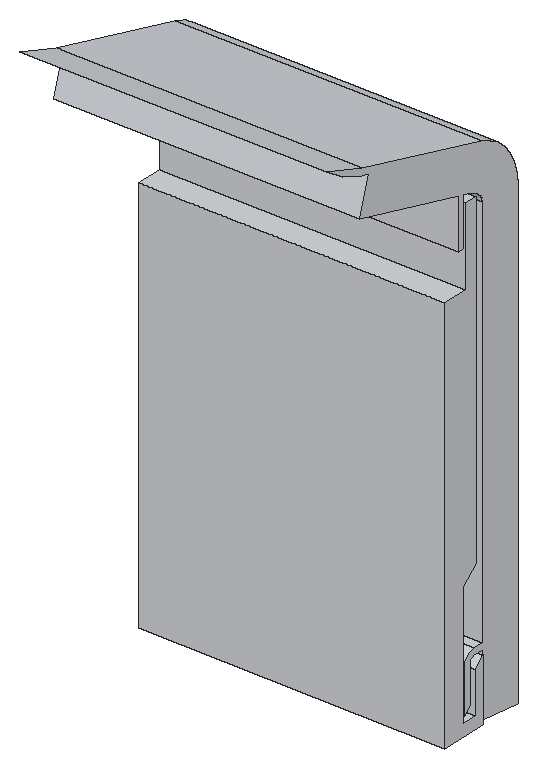
Revit family "HansWeitzel_2058", category Allgemeines Modell, Revit 2017
Family settings
  Basisbauteil = Wand
  Kann Basisbauteil für Bewehrung sein = Nein
  Bemaßung runder Anschluss = Durchmesser verwenden
  Teiletyp = Normal
  Immer vertikal = Ja
  Beim Laden mit Abzugskörper schneiden = Nein
  Gemeinsam genutzt = Nein
  Raumberechnungspunkt = Nein
Parameters (values of type "Type 1")
  max. Betriebstemperatur (°C) = 90
  Werkstoff = "Acryl"
  Wandmontage möglich = yes
  Typname = "HZ-Stoßverbinder SLF Nussbaum"
  Tiefe (mm) = 30
  Profilart = "Anschlussprofi"
  Menge pro Verpackungseinheit = 10
  Length3 = 50 mm
  Length2 = 50 mm
  Length1 = 50 mm
  Ist Zubehör = no
  Ist System = no
  Höhe [mm] = 97
  Hersteller = "Hans Weitzel GmbH & Co. KG"
  HeinzeBIM = "https://www.heinze.de/bim/hz-stossverbinder-slf-nussbaum/e09dff58df237c84bc6af2343a05729aaa3c0e33"
  HAN = "2058"
  Gewicht unverpackt (netto) [kg] = 0.008
  GTIN = "4022023220216"
  Farbton = "Holzart/Holzdekor"
  Dekor = "Nussbaum"
  Breite [mm] = 45
  Beschreibung = "HZ-Stoßverbinder SLF Nussbaum für HZ-Sockelleiste SLF nur mit SCH2158"
  BIMSITE_PRODUCT_ID = "e09dff58df237c84bc6af2343a05729aaa3c0e33"
  BIM = "https://media.live.bim.site/t/eyJhbGciOiJIUzI1NiIsInR5cCI6IkpXVCJ9.eyJjdCI6MSwidGYiOiJwdWJsaWMvaGFucy13ZWl0emVsLWdtYmgtY28ta2cvMjI1MGEyZS9IWl9TTEZfU3Rvc3N2ZXJiaW5kZXIucmZhIiwiY2lkIjoiZmVkOThlOWEtMWJkOC00YzY4LWE3M2ItNzRhOTRlMzE1ODIzIiwicmlkIjoiM2ZmMWQ3MDM4NDMzYTU0ZjQ1MjhiNWE3MWFkYjQ1YTIiLCJwaWQiOiJlMDlkZmY1OGRmMjM3Yzg0YmM2YWYyMzQzYTA1NzI5YWFhM2MwZTMzIiwic2lkIjoiNjM1NTgiLCJ1dCI6NSwibGMiOiJkZSIsImlhdCI6MTU4MDEyMjg3NiwiaXNzIjoiaHR0cHM6Ly9hcGkubGl2ZS5iaW0uc2l0ZSIsInN1YiI6ImY1ODZjNGI2LWE1MDgtNDI3YS05ODE4LTEzMTc5NjY1NzZiYyJ9.b1K4sEWtHjoC0bs_GAT89CJbu4jUAnLscmKa6-076zA/HZ_SLF_Stossverbinder.rfa"
Reference planes
  plane 1 "Wall": y = 0
  plane 2 "Center (Left/Right)": x = 125
  plane 3 "Back": y = 75
Text (mm)
  text "Placement side" at (0, 1409.804, 2854.306), in view "Left"
  text "Placement side" at (0, 499.811, 2980.732), in view "Right"
Dimensions and locks
  locked: plane 3 "Back" to host wall
  aligned and locked: plane 1 "Wall" to host wall
  aligned and locked: nested 1 to plane 3 "Back"
  aligned and locked: nested 2 to plane 3 "Back"
  aligned and locked: nested 2 to plane 2 "Center (Left/Right)"
  aligned and locked: nested 1 to plane 2 "Center (Left/Right)"
Nested families
  nested 1: "HZ_SLF_Part2" at (125, 75, 0) x (-1, 0, 0) z (0, 0, 1), type "HZ_SLF_Part2"
    with Length2 50 mm
  nested 2: "HZ_SLF_Profil" at (125, 75, 0) x (-1, 0, 0) z (0, 0, 1), type "HZ_SLF_Profil"
Definition of nested family "HZ_SLF_Part2"
  Parameters
    Length2 = 400 mm
  Reference planes
    plane 1 "Center (Front/Back)": y = 0
    plane 2: z = 0
    plane 3 "Center (Left/Right)": x = 0
    plane 4: z = 78
  Forms (mm)
    Extrusion 1, solid, detail levels fine
      sketch origin (0, 0, 0) x (0, 1, 0) y (0, 0, 1)
        loop
          line (-28, 65.25) -> (-28, 78) -> (-30, 78) -> (-30, 24.25) -> (-27.5, 22) -> (-27.5, 2) -> (-30, 2) -> (-30, 8.75) -> (-31.5, 10.25) -> (-31.5, 0) -> (-23.75, 0) -> (-23.75, 65.25) -> (-28, 65.25)
      from -200 to 200
    Extrusion 2, solid, detail levels medium
      sketch origin (0, 0, 0) x (0, 1, 0) y (0, 0, 1)
        loop
          line (-28, 65.25) -> (-28, 78) -> (-30, 78) -> (-30, 22) -> (-27.5, 22) -> (-27.5, 2) -> (-30, 2) -> (-30, 8.75) -> (-31.5, 8.75) -> (-31.5, 0) -> (-23.75, 0) -> (-23.75, 65.25) -> (-28, 65.25)
      from -200 to 200
    Extrusion 3, solid, detail levels coarse
      sketch origin (0, 0, 0) x (0, 1, 0) y (0, 0, 1)
        loop
          line (-31.5, 78) -> (-31.5, 0) -> (-23.75, 0) -> (-23.75, 78) -> (-31.5, 78)
      from -200 to 200
  Dimensions and locks
    equal spacing: Extrusion 1, plane 3 "Center (Left/Right)", Extrusion 1
    "Length2": Extrusion 1 to Extrusion 1
    aligned and locked: level to plane 2
    aligned and locked: Extrusion 3 to Extrusion 1  (x2)
    aligned and locked: Extrusion 2 to Extrusion 3  (x2)
  Automatic sketch dimensions
    Extrusion 1 sketch curve to level = 0 mm
    level to Extrusion 1 sketch curve = 10.25 mm
    plane 1 "Center (Front/Back)" to Extrusion 1 sketch curve = 31.5 mm
    Extrusion 1 sketch curve to Extrusion 1 sketch curve = 1.5 mm  (x2)
    level to Extrusion 1 sketch curve = 8.75 mm
    Extrusion 1 sketch curve to Extrusion 1 sketch curve = 2 mm
    Extrusion 1 sketch curve to Extrusion 1 sketch curve = 2.5 mm
    Extrusion 1 sketch curve to Extrusion 1 sketch curve = 4.25 mm
    level to Extrusion 1 sketch curve = 2 mm
    Extrusion 1 sketch curve to Extrusion 1 sketch curve = 11.75 mm
    Extrusion 1 sketch curve to Extrusion 1 sketch curve = 2.25 mm
    Extrusion 1 sketch curve to Extrusion 1 sketch curve = 41 mm
    Extrusion 1 sketch curve to Extrusion 1 sketch curve = 12.75 mm
    Extrusion 2 sketch curve to level = 0 mm
    plane 1 "Center (Front/Back)" to Extrusion 2 sketch curve = 31.5 mm
    Extrusion 2 sketch curve to Extrusion 2 sketch curve = 1.5 mm
    Extrusion 2 sketch curve to Extrusion 2 sketch curve = 2 mm
    Extrusion 2 sketch curve to Extrusion 2 sketch curve = 4.25 mm
    level to Extrusion 2 sketch curve = 2 mm
    Extrusion 2 sketch curve to Extrusion 2 sketch curve = 12.75 mm
    Extrusion 2 sketch curve to Extrusion 2 sketch curve = 2.5 mm
    Extrusion 2 sketch curve to Extrusion 2 sketch curve = 43.25 mm
    Extrusion 2 sketch curve to Extrusion 2 sketch curve = 0 mm
    Extrusion 2 sketch curve to Extrusion 2 sketch curve = 6.75 mm
    Extrusion 2 sketch curve to Extrusion 2 sketch curve = 13.25 mm
    Extrusion 3 sketch curve to level = 0 mm
    Extrusion 3 sketch curve to Extrusion 3 sketch curve = 7.75 mm
    plane 1 "Center (Front/Back)" to Extrusion 3 sketch curve = 31.5 mm
    level to Extrusion 3 sketch curve = 78 mm
Definition of nested family "HZ_SLF_Profil"
  Parameters
    Length3 = 50 mm
  Reference planes
    plane 1 "Center (Front/Back)": y = 0
    plane 2: z = 0
    plane 3 "Center (Left/Right)": x = 0
    plane 4: z = 95
  Forms (mm)
    Extrusion 1, solid, detail levels fine
      sketch origin (0, 0, 0) x (0, 1, 0) y (0, 0, 1)
        loop
          line (-38.561, 76.002) -> (-38.561, 0) -> (-31.5, 0.791) -> (-31.5, 11) -> (-29.75, 11)
          arc (-29.75, 11) -> (-29.043, 10.707) -> (-28.75, 10) r 1
          line (-28.75, 10) -> (-28.75, 4) -> (-27.75, 3) -> (-27.75, 10)
          arc (-27.75, 10) -> (-28.336, 11.414) -> (-29.75, 12) r 2
          line (-29.75, 12) -> (-31.5, 12) -> (-31.5, 76.545)
          arc (-31.5, 76.545) -> (-30.751, 77.994) -> (-29.355, 78.837) r 3
          line (-29.355, 78.837) -> (-27.5, 79.347) -> (-27.5, 71.5) -> (-26.5, 71.5) -> (-26.5, 79.621) -> (-6.471, 85.123) -> (-8.262, 90.853) -> (-6.8, 91.255)
          arc (-6.8, 91.255) -> (-2.978, 92.748) -> (0.452, 95) r 19.703
          arc (0.452, 95) -> (-3.246, 93.447) -> (-7.065, 92.219) r 46.507
          line (-7.065, 92.219) -> (-31.209, 85.587)
          arc (-31.209, 85.587) -> (-36.496, 82.03) -> (-38.561, 76.002) r 10
      from -25 to 25
    Extrusion 2, solid, detail levels medium
      sketch origin (0, 0, 0) x (0, 1, 0) y (0, 0, 1)
        loop
          line (-7.065, 92.219) -> (-31.209, 85.587)
          arc (-31.209, 85.587) -> (-36.496, 82.03) -> (-38.561, 76.002) r 10
          line (-38.561, 76.002) -> (-38.561, 0) -> (-31.5, 0.791) -> (-31.5, 11) -> (-28.75, 11) -> (-28.75, 3) -> (-27.75, 3) -> (-27.75, 12) -> (-31.5, 12) -> (-31.5, 76.545)
          arc (-31.5, 76.545) -> (-30.751, 77.994) -> (-29.355, 78.837) r 3
          line (-29.355, 78.837) -> (-27.5, 79.347) -> (-27.5, 71.5) -> (-26.5, 71.5) -> (-26.5, 79.621) -> (-6.471, 85.123) -> (0.452, 95)
          arc (0.452, 95) -> (-3.246, 93.447) -> (-7.065, 92.219) r 46.507
      from -25 to 25
    Extrusion 3, solid, detail levels coarse
      sketch origin (0, 0, 0) x (0, 1, 0) y (0, 0, 1)
        loop
          line (-38.561, 0) -> (0.452, 0) -> (0.452, 95) -> (-38.561, 95) -> (-38.561, 0)
      from -25 to 25
  Dimensions and locks
    equal spacing: Extrusion 3, plane 3 "Center (Left/Right)", Extrusion 3
    "Length3": Extrusion 3 to Extrusion 3
    aligned and locked: level to plane 2
    aligned and locked: Extrusion 1 to Extrusion 3
    aligned and locked: Extrusion 2 to Extrusion 3
    aligned and locked: Extrusion 3 to Extrusion 1
    aligned and locked: Extrusion 3 to Extrusion 2
  Automatic sketch dimensions
    plane 1 "Center (Front/Back)" to Extrusion 3 sketch curve = 38.561 mm
    Extrusion 3 sketch curve to plane 1 "Center (Front/Back)" = 0.452 mm
    Extrusion 3 sketch curve to level = 0 mm
    level to Extrusion 3 sketch curve = 95 mm
    Extrusion 2 sketch curve to Extrusion 2 sketch curve = 0 mm  (x2)
    Extrusion 2 sketch curve to level = 0 mm
    Extrusion 2 sketch curve to plane 4 = 0 mm
    plane 1 "Center (Front/Back)" to Extrusion 2 sketch curve = 38.561 mm
    level to Extrusion 2 sketch curve = 0.791 mm
    Extrusion 2 sketch curve to Extrusion 2 sketch curve = 7.061 mm  (x2)
    Extrusion 2 sketch curve to plane 4 = 9.413 mm
    Extrusion 2 sketch curve to Extrusion 2 sketch curve = 0.291 mm
    Extrusion 2 sketch curve to plane 4 = 16.163 mm
    Extrusion 2 sketch curve to Extrusion 2 sketch curve = 2.145 mm
    Extrusion 2 sketch curve to Extrusion 2 sketch curve = 2.75 mm
    Extrusion 2 sketch curve to Extrusion 2 sketch curve = 2.939 mm
    Extrusion 2 sketch curve to Extrusion 2 sketch curve = 1 mm  (x3)
    Extrusion 2 sketch curve to Extrusion 2 sketch curve = 1.061 mm
    plane 1 "Center (Front/Back)" to Extrusion 2 sketch curve = 19.383 mm
    plane 1 "Center (Front/Back)" to Extrusion 2 sketch curve = 7.065 mm
    plane 1 "Center (Front/Back)" to Extrusion 2 sketch curve = 6.471 mm
    level to Extrusion 2 sketch curve = 3 mm
    Extrusion 2 sketch curve to Extrusion 2 sketch curve = 8 mm
    Extrusion 2 sketch curve to Extrusion 2 sketch curve = 7.337 mm
    Extrusion 2 sketch curve to Extrusion 2 sketch curve = 2.893 mm
    Extrusion 2 sketch curve to Extrusion 2 sketch curve = 0.51 mm
    Extrusion 2 sketch curve to Extrusion 2 sketch curve = 0.275 mm
    Extrusion 2 sketch curve to plane 4 = 9.877 mm
    Extrusion 2 sketch curve to plane 4 = 2.781 mm
    plane 4 to Extrusion 2 sketch curve = 42.065 mm
    Extrusion 1 sketch curve to Extrusion 1 sketch curve = 0 mm  (x5)
    Extrusion 1 sketch curve to level = 0 mm
    Extrusion 1 sketch curve to plane 4 = 0 mm
    plane 1 "Center (Front/Back)" to Extrusion 1 sketch curve = 38.561 mm
    level to Extrusion 1 sketch curve = 0.791 mm
    Extrusion 1 sketch curve to Extrusion 1 sketch curve = 7.061 mm
    Extrusion 1 sketch curve to plane 4 = 9.413 mm
    Extrusion 1 sketch curve to Extrusion 1 sketch curve = 0.291 mm
    Extrusion 1 sketch curve to Extrusion 1 sketch curve = 1.75 mm
    Extrusion 1 sketch curve to plane 4 = 16.163 mm
    Extrusion 1 sketch curve to Extrusion 1 sketch curve = 2.145 mm
    level to Extrusion 1 sketch curve = 4 mm
    Extrusion 1 sketch curve to Extrusion 1 sketch curve = 2.75 mm
    Extrusion 1 sketch curve to Extrusion 1 sketch curve = 2.939 mm
    Extrusion 1 sketch curve to Extrusion 1 sketch curve = 1 mm  (x3)
    Extrusion 1 sketch curve to Extrusion 1 sketch curve = 1.855 mm
    plane 1 "Center (Front/Back)" to Extrusion 1 sketch curve = 19.383 mm
    plane 1 "Center (Front/Back)" to Extrusion 1 sketch curve = 12.019 mm
    plane 1 "Center (Front/Back)" to Extrusion 1 sketch curve = 8.262 mm
    Extrusion 1 sketch curve to Extrusion 1 sketch curve = 1.197 mm
    Extrusion 1 sketch curve to Extrusion 1 sketch curve = 1.791 mm
    Extrusion 1 sketch curve to Extrusion 1 sketch curve = 6 mm
    Extrusion 1 sketch curve to Extrusion 1 sketch curve = 7.337 mm
    Extrusion 1 sketch curve to Extrusion 1 sketch curve = 2.893 mm
    Extrusion 1 sketch curve to Extrusion 1 sketch curve = 0.51 mm
    Extrusion 1 sketch curve to Extrusion 1 sketch curve = 0.275 mm
    Extrusion 1 sketch curve to plane 4 = 9.877 mm
    Extrusion 1 sketch curve to plane 4 = 4.147 mm
    Extrusion 1 sketch curve to Extrusion 1 sketch curve = 1.366 mm
    plane 4 to Extrusion 1 sketch curve = 15.254 mm
    Extrusion 1 sketch curve to Extrusion 1 sketch curve = 26.811 mm
    Extrusion 1 sketch curve to Extrusion 1 sketch curve = 0.265 mm
